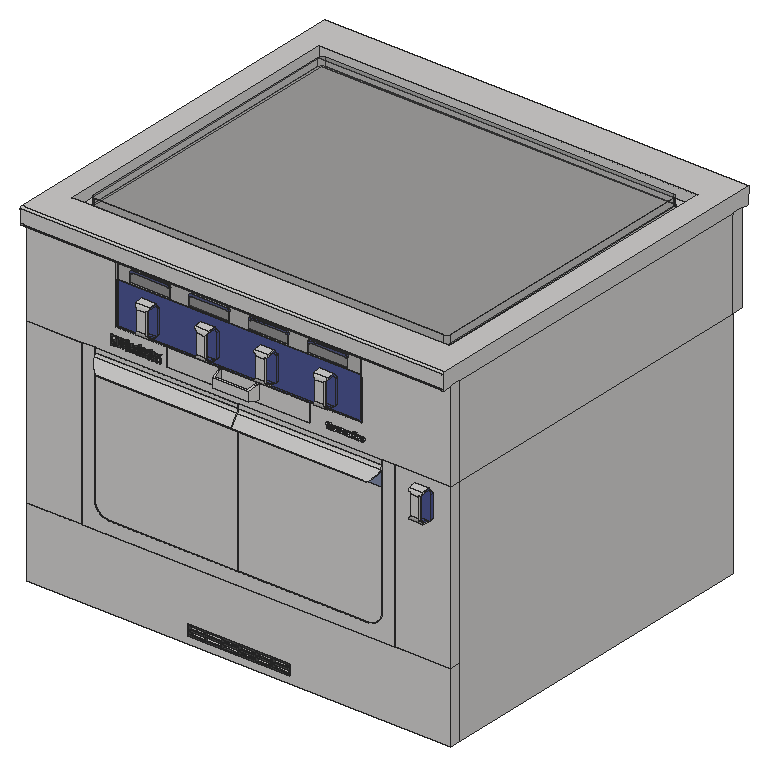
Revit family "QF_ELECTROLUXPROFESSIONAL_589701_MCLPFAJ4AO", category Attrezzature speciali, Revit 2020 (continued)
Definition of nested family "Front_Panel_W1000_Four Knobs"
  Definition of nested family "ELX_Professional_Logo_Small"
    Forms (mm)
      Extrusion 2, solid, material <- "Material_Logo"
        sketch origin (15.5, 0, 0) x (1, 0, 0) y (0, 1, 0)
          loop
            spline (-14.951, -1.609) -> (-15.398, -1.581) -> (-15.823, -1.497) -> (-16.223, -1.362) -> (-16.596, -1.179) -> (-16.937, -0.95) -> (-17.243, -0.678) -> (-17.512, -0.367) -> (-17.739, -0.02) -> (-17.921, 0.36) -> (-18.055, 0.771) -> (-18.138, 1.208) -> (-18.167, 1.669)
          loop
            spline (-4.441, -1.243) -> (-4.659, -1.247) -> (-4.894, -1.23) -> (-5.137, -1.19) -> (-5.384, -1.121) -> (-5.628, -1.021) -> (-5.864, -0.884) -> (-6.084, -0.708) -> (-6.283, -0.488) -> (-6.454, -0.219) -> (-6.592, 0.101) -> (-6.69, 0.478) -> (-6.742, 0.914)
            line (-6.742, 0.914) -> (-6.742, 4.587) -> (-4.487, 4.587) -> (-4.487, 6.838) -> (-6.738, 6.838) -> (-6.738, 10.824) -> (-9.217, 10.824) -> (-9.217, 0.773)
            spline (-9.217, 0.773) -> (-9.164, 0.19) -> (-9.068, -0.358) -> (-8.928, -0.87) -> (-8.742, -1.343) -> (-8.511, -1.777) -> (-8.232, -2.168) -> (-7.904, -2.515) -> (-7.527, -2.816) -> (-7.098, -3.069) -> (-6.618, -3.273) -> (-6.084, -3.426) -> (-5.496, -3.525)
            line (-5.496, -3.525) -> (-4.45, -3.573) -> (-4.441, -1.243)
          loop
            spline (3.898, 6.983) -> (3.469, 7.009) -> (3.056, 7.001) -> (2.661, 6.961) -> (2.283, 6.888) -> (1.925, 6.785) -> (1.588, 6.652) -> (1.272, 6.49) -> (0.979, 6.301) -> (0.71, 6.085) -> (0.465, 5.844) -> (0.247, 5.578) -> (0.056, 5.289)
            line (0.056, 5.289) -> (0.056, 6.838) -> (-2.402, 6.838) -> (-2.402, -3.572) -> (0.056, -3.572) -> (0.056, 1.901)
            spline (0.056, 1.901) -> (0.079, 2.316) -> (0.145, 2.703) -> (0.254, 3.06) -> (0.404, 3.386) -> (0.592, 3.679) -> (0.818, 3.938) -> (1.08, 4.162) -> (1.375, 4.348) -> (1.703, 4.495) -> (2.062, 4.602) -> (2.45, 4.668) -> (2.865, 4.69)
            line (2.865, 4.69) -> (3.898, 4.586) -> (3.898, 6.983)
          loop
            spline (15.638, 1.633) -> (15.586, 2.396) -> (15.435, 3.124) -> (15.192, 3.81) -> (14.863, 4.449) -> (14.455, 5.034) -> (13.975, 5.56) -> (13.43, 6.021) -> (12.826, 6.411) -> (12.17, 6.724) -> (11.469, 6.955) -> (10.729, 7.098) -> (9.958, 7.147)
            spline (9.958, 7.147) -> (9.182, 7.098) -> (8.44, 6.955) -> (7.737, 6.724) -> (7.081, 6.411) -> (6.477, 6.021) -> (5.933, 5.56) -> (5.454, 5.034) -> (5.048, 4.449) -> (4.721, 3.81) -> (4.479, 3.124) -> (4.329, 2.396) -> (4.277, 1.633)
            spline (4.277, 1.633) -> (4.329, 0.869) -> (4.479, 0.141) -> (4.721, -0.544) -> (5.048, -1.183) -> (5.454, -1.768) -> (5.933, -2.294) -> (6.477, -2.755) -> (7.081, -3.145) -> (7.737, -3.459) -> (8.44, -3.69) -> (9.182, -3.833) -> (9.958, -3.882)
            spline (9.958, -3.882) -> (10.729, -3.833) -> (11.469, -3.69) -> (12.17, -3.459) -> (12.826, -3.145) -> (13.43, -2.755) -> (13.975, -2.294) -> (14.455, -1.768) -> (14.863, -1.183) -> (15.192, -0.544) -> (15.435, 0.141) -> (15.586, 0.869) -> (15.638, 1.633)
          loop
            spline (13.18, 1.633) -> (13.151, 2.083) -> (13.067, 2.513) -> (12.932, 2.918) -> (12.748, 3.296) -> (12.52, 3.642) -> (12.251, 3.954) -> (11.943, 4.227) -> (11.601, 4.459) -> (11.228, 4.645) -> (10.828, 4.782) -> (10.403, 4.867) -> (9.958, 4.896)
            spline (9.958, 4.896) -> (9.509, 4.867) -> (9.081, 4.782) -> (8.679, 4.645) -> (8.306, 4.459) -> (7.964, 4.227) -> (7.658, 3.954) -> (7.39, 3.642) -> (7.163, 3.296) -> (6.981, 2.918) -> (6.847, 2.513) -> (6.765, 2.083) -> (6.736, 1.633)
            spline (6.736, 1.633) -> (6.765, 1.182) -> (6.847, 0.753) -> (6.981, 0.347) -> (7.163, -0.031) -> (7.39, -0.377) -> (7.658, -0.689) -> (7.964, -0.962) -> (8.306, -1.193) -> (8.679, -1.38) -> (9.081, -1.517) -> (9.509, -1.602) -> (9.958, -1.631)
            spline (9.958, -1.631) -> (10.403, -1.602) -> (10.828, -1.517) -> (11.228, -1.38) -> (11.601, -1.193) -> (11.943, -0.962) -> (12.251, -0.689) -> (12.52, -0.377) -> (12.748, -0.031) -> (12.932, 0.347) -> (13.067, 0.753) -> (13.151, 1.182) -> (13.18, 1.633)
          loop
            line (17.162, 4.269) -> (17.162, -3.573) -> (19.642, -3.573) -> (19.642, 10.824) -> (17.162, 10.824) -> (17.162, 4.269)
          loop
            line (28.581, 6.838) -> (28.581, 0.786)
            spline (28.581, 0.786) -> (28.561, 0.393) -> (28.503, 0.038) -> (28.409, -0.279) -> (28.281, -0.559) -> (28.122, -0.802) -> (27.933, -1.011) -> (27.717, -1.185) -> (27.476, -1.325) -> (27.213, -1.433) -> (26.929, -1.509) -> (26.626, -1.554) -> (26.308, -1.569)
            spline (26.308, -1.569) -> (25.99, -1.554) -> (25.688, -1.509) -> (25.404, -1.434) -> (25.141, -1.326) -> (24.9, -1.187) -> (24.684, -1.014) -> (24.496, -0.807) -> (24.336, -0.565) -> (24.209, -0.288) -> (24.115, 0.026) -> (24.057, 0.376) -> (24.037, 0.765)
            line (24.037, 0.765) -> (24.037, 6.838) -> (21.537, 6.838) -> (21.537, 0.558)
            spline (21.537, 0.558) -> (21.581, -0.153) -> (21.71, -0.8) -> (21.916, -1.384) -> (22.195, -1.904) -> (22.54, -2.362) -> (22.944, -2.757) -> (23.403, -3.09) -> (23.909, -3.362) -> (24.456, -3.572) -> (25.04, -3.722) -> (25.652, -3.811) -> (26.288, -3.841)
            spline (26.288, -3.841) -> (26.929, -3.811) -> (27.547, -3.72) -> (28.135, -3.568) -> (28.687, -3.355) -> (29.197, -3.079) -> (29.66, -2.741) -> (30.068, -2.341) -> (30.415, -1.877) -> (30.696, -1.349) -> (30.905, -0.757) -> (31.034, -0.101) -> (31.079, 0.621)
            line (31.079, 0.621) -> (31.079, 6.838) -> (28.581, 6.838)
          loop
            line (40.457, -0.243) -> (38.894, 1.942) -> (40.83, 4.579) -> (42.488, 6.837) -> (39.782, 6.837) -> (37.53, 3.719) -> (35.258, 6.837) -> (32.573, 6.837) -> (34.113, 4.731) -> (36.167, 1.922) -> (34.014, -1.076) -> (32.222, -3.573) -> (34.887, -3.573) -> (37.53, 0.104) -> (40.174, -3.573) -> (42.839, -3.573) -> (40.457, -0.243)
          loop
            line (-46.121, -5.837) -> (-48.039, -5.837) -> (-48.039, -10.814) -> (-47.016, -10.814) -> (-47.016, -9.128) -> (-46.121, -9.128)
            arc (-46.121, -9.128) -> (-44.476, -7.482) -> (-46.121, -5.837) r 1.645
          loop
            line (-46.163, -6.778) -> (-47.016, -6.778) -> (-47.016, -8.187) -> (-46.163, -8.187)
            arc (-46.163, -8.187) -> (-45.458, -7.482) -> (-46.163, -6.778) r 0.704
          loop
            line (-38.313, -5.837) -> (-40.265, -5.837) -> (-40.265, -10.814) -> (-39.241, -10.814) -> (-39.241, -9.1) -> (-38.46, -9.182) -> (-37.48, -10.814) -> (-36.318, -10.814) -> (-37.513, -8.848)
            arc (-37.513, -8.848) -> (-36.888, -8.266) -> (-36.671, -7.441) r 1.536
            arc (-36.671, -7.441) -> (-37.165, -6.305) -> (-38.313, -5.837) r 1.643
          loop
            arc (-38.402, -8.166) -> (-37.707, -7.505) -> (-38.334, -6.778) r 0.696
            line (-38.334, -6.778) -> (-39.241, -6.778) -> (-39.241, -8.166) -> (-38.402, -8.166)
          loop
            circle (-29.965, -8.325) r 2.585
          loop
            circle (-29.965, -8.325) r 1.64
          loop
            line (-23.1, -5.837) -> (-23.1, -10.814) -> (-22.076, -10.814) -> (-22.076, -8.768) -> (-20.204, -8.768) -> (-20.204, -7.828) -> (-22.076, -7.828) -> (-22.076, -6.778) -> (-20.024, -6.778) -> (-20.024, -5.837) -> (-23.1, -5.837)
          loop
            line (-15.802, -5.837) -> (-15.802, -9.2)
            arc (-15.802, -9.2) -> (-15.343, -10.34) -> (-14.209, -10.814) r 1.593
            line (-14.209, -10.814) -> (-12.602, -10.814) -> (-12.602, -10.027) -> (-14.004, -10.027)
            arc (-14.004, -10.027) -> (-14.552, -9.8) -> (-14.779, -9.252) r 0.775
            line (-14.779, -9.252) -> (-14.779, -8.424) -> (-12.789, -8.424) -> (-12.789, -7.642) -> (-14.779, -7.642) -> (-14.779, -6.778) -> (-12.651, -6.778) -> (-12.651, -5.837) -> (-15.802, -5.837)
          loop
            line (-5.909, -7.143) -> (-5.173, -6.638)
            arc (-5.173, -6.638) -> (-5.855, -5.974) -> (-6.781, -5.755) r 1.782
            arc (-6.781, -5.755) -> (-7.397, -5.878) -> (-7.944, -6.189) r 1.974
            arc (-7.944, -6.189) -> (-8.202, -6.5) -> (-8.317, -6.888) r 1.013
            arc (-8.317, -6.888) -> (-8.306, -7.341) -> (-8.192, -7.78) r 1.985
            arc (-8.192, -7.78) -> (-7.749, -8.259) -> (-7.171, -8.563) r 1.928
            arc (-7.171, -8.563) -> (-6.637, -8.779) -> (-6.131, -9.056) r 5.041
            arc (-6.131, -9.056) -> (-5.934, -9.387) -> (-6.09, -9.74) r 0.42
            arc (-6.09, -9.74) -> (-6.631, -9.96) -> (-7.204, -9.845) r 1.016
            arc (-7.204, -9.845) -> (-7.625, -9.603) -> (-7.889, -9.196) r 1.033
            line (-7.889, -9.196) -> (-8.67, -9.686)
            arc (-8.67, -9.686) -> (-8.361, -10.198) -> (-7.908, -10.589) r 1.914
            arc (-7.908, -10.589) -> (-7.334, -10.834) -> (-6.714, -10.896) r 2.063
            arc (-6.714, -10.896) -> (-5.947, -10.743) -> (-5.256, -10.376) r 2.696
            arc (-5.256, -10.376) -> (-4.95, -9.565) -> (-5.108, -8.712) r 1.618
            arc (-5.108, -8.712) -> (-5.448, -8.319) -> (-5.884, -8.035) r 1.876
            arc (-5.884, -8.035) -> (-6.434, -7.789) -> (-6.999, -7.577) r 9.883
            arc (-6.999, -7.577) -> (-7.325, -7.07) -> (-6.854, -6.694) r 0.45
            arc (-6.854, -6.694) -> (-6.329, -6.809) -> (-5.909, -7.143) r 1.197
          loop
            line (1.61, -7.143) -> (2.345, -6.638)
            arc (2.345, -6.638) -> (1.663, -5.974) -> (0.737, -5.755) r 1.782
            arc (0.737, -5.755) -> (0.121, -5.878) -> (-0.425, -6.189) r 1.974
            arc (-0.425, -6.189) -> (-0.683, -6.5) -> (-0.799, -6.888) r 1.013
            arc (-0.799, -6.888) -> (-0.788, -7.341) -> (-0.674, -7.78) r 1.985
            arc (-0.674, -7.78) -> (-0.231, -8.259) -> (0.347, -8.563) r 1.928
            arc (0.347, -8.563) -> (0.881, -8.779) -> (1.387, -9.056) r 5.041
            arc (1.387, -9.056) -> (1.584, -9.387) -> (1.428, -9.74) r 0.42
            arc (1.428, -9.74) -> (0.887, -9.96) -> (0.314, -9.845) r 1.016
            arc (0.314, -9.845) -> (-0.107, -9.603) -> (-0.371, -9.196) r 1.033
            line (-0.371, -9.196) -> (-1.152, -9.686)
            arc (-1.152, -9.686) -> (-0.842, -10.198) -> (-0.39, -10.589) r 1.914
            arc (-0.39, -10.589) -> (0.184, -10.834) -> (0.804, -10.896) r 2.063
            arc (0.804, -10.896) -> (1.572, -10.743) -> (2.263, -10.376) r 2.696
            arc (2.263, -10.376) -> (2.568, -9.565) -> (2.411, -8.712) r 1.618
            arc (2.411, -8.712) -> (2.07, -8.319) -> (1.635, -8.035) r 1.876
            arc (1.635, -8.035) -> (1.084, -7.789) -> (0.519, -7.577) r 9.883
            arc (0.519, -7.577) -> (0.193, -7.07) -> (0.665, -6.694) r 0.45
            arc (0.665, -6.694) -> (1.189, -6.809) -> (1.61, -7.143) r 1.197
          loop
            line (6.801, -5.837) -> (6.801, -10.814) -> (7.825, -10.814) -> (7.825, -5.837) -> (6.801, -5.837)
          loop
            circle (14.724, -8.325) r 1.548
          loop
            circle (14.724, -8.325) r 2.585
          loop
            line (21.59, -10.814) -> (22.623, -10.814) -> (22.623, -7.685) -> (24.9, -10.814) -> (25.895, -10.814) -> (25.895, -5.837) -> (24.861, -5.837) -> (24.861, -9.061) -> (22.585, -5.837) -> (21.59, -5.837) -> (21.59, -10.814)
          loop
            line (31.054, -10.814) -> (31.539, -9.74) -> (33.38, -9.74) -> (33.865, -10.814) -> (34.965, -10.814) -> (32.46, -5.837) -> (29.956, -10.814) -> (31.054, -10.814)
          loop
            line (32.46, -7.698) -> (31.999, -8.719) -> (32.921, -8.719) -> (32.46, -7.698)
          loop
            line (40.047, -9.873) -> (40.047, -5.837) -> (39.024, -5.837) -> (39.024, -10.814) -> (41.961, -10.814) -> (41.961, -9.873) -> (40.047, -9.873)
          loop
            line (-74.986, -10.814) -> (-53.322, -10.814) -> (-53.322, 10.82) -> (-74.986, 10.82) -> (-74.986, -10.814)
          loop
            line (-61.261, 9.758) -> (-61.261, -9.707)
            arc (-61.261, -9.707) -> (-54.066, 0.025) -> (-61.261, 9.758) r 10.18
          loop
            line (-62.251, 8.349) -> (-62.251, 9.758)
            arc (-62.251, 9.758) -> (-70.347, 7.918) -> (-74.247, 0.59) r 9.976
            line (-74.247, 0.59) -> (-71.026, 0.59)
            arc (-71.026, 0.59) -> (-65.274, 2.925) -> (-62.251, 8.349) r 9.351
          loop
            arc (-74.247, -0.539) -> (-70.353, -7.928) -> (-62.251, -9.957) r 10.237
            line (-62.251, -9.957) -> (-62.251, -8.298)
            arc (-62.251, -8.298) -> (-65.274, -2.874) -> (-71.026, -0.539) r 9.351
            line (-71.026, -0.539) -> (-74.247, -0.539)
        from 0 to 1.644
    Dimensions and locks
      aligned and locked: plane 2 to Extrusion 1
      aligned and locked: level to Extrusion 1
Definition of nested family "H450H2W1000_2DOOR"
  Parameters
    Width [instance] = 680 mm
    Wdoor [instance] = Width / 2  # 340 mm
    Show Clearance [instance] = yes
    Model = "727995"
    Height = 450 mm
    Default Elevation = 0 mm
  Reference planes
    plane 1 "Center (Front/Back)": y = 0
    plane 2: z = 0
    plane 3 "Center (Left/Right)": x = 36.042
    plane 4 "panel": z = 25
    plane 5: x = -303.958
    plane 6: x = 376.042
    plane 7: y = 450
    plane 8: z = 340
    plane 9: z = 45
  Forms (mm)
    Extrusion 1, solid
      sketch origin (0, -919.2, 0) x (1, 0, 0) y (0, 1, 0)
        loop
          line (-980.5, 2119.2) -> (-980.5, -162.846) -> (881.94, -162.846) -> (881.94, 2119.2) -> (-980.5, 2119.2)
      from 0 to -59.546
    Extrusion 2, solid
      sketch origin (0, 0, 0) x (1, 0, 0) y (0, 1, 0)
        loop
          line (374.042, 393) -> (37.042, 393) -> (37.042, 97) -> (344.042, 97)
          arc (344.042, 97) -> (365.255, 105.787) -> (374.042, 127) r 30
          line (374.042, 127) -> (374.042, 393)
        loop
          arc (-301.958, 127) -> (-293.171, 105.787) -> (-271.958, 97) r 30
          line (-271.958, 97) -> (35.042, 97) -> (35.042, 393) -> (-301.958, 393) -> (-301.958, 127)
      from 0 to 25
    Extrusion 3, solid
      sketch origin (0, 0, 0) x (1, 0, 0) y (0, 1, 0)
        loop
          line (-301.958, 393) -> (35.042, 393) -> (35.042, 440) -> (-301.958, 440) -> (-301.958, 393)
        loop
          line (37.042, 440) -> (37.042, 393) -> (374.042, 393) -> (374.042, 440) -> (37.042, 440)
      from 0 to 25
    Extrusion 4, solid
      sketch origin (5.581, 79.805, 0) x (1, 0, 0) y (0, 1, 0)
        loop
          line (-307.539, 360.195) -> (29.461, 360.195) -> (29.461, 370.195) -> (-307.539, 370.195) -> (-307.539, 360.195)
        loop
          line (31.461, 370.195) -> (31.461, 360.195) -> (368.461, 360.195) -> (368.461, 370.195) -> (31.461, 370.195)
      from 0 to 25
    Extrusion 5, solid
      sketch origin (36.042, 0, 0) x (0, 1, 0) y (0, 0, 1)
        loop
          line (426.693, 25) -> (440.02, 25)
          arc (440.02, 25) -> (435.261, 25.775) -> (430.993, 28.02) r 15
          line (430.993, 28.02) -> (406.653, 46.362) -> (403.644, 42.369) -> (426.693, 25)
      from 1 to 338
    Extrusion 6, solid
      sketch origin (36.042, 0, 0) x (0, 1, 0) y (0, 0, 1)
        loop
          line (426.693, 25) -> (440.02, 25)
          arc (440.02, 25) -> (435.261, 25.775) -> (430.993, 28.02) r 15
          line (430.993, 28.02) -> (406.653, 46.362) -> (403.644, 42.369) -> (426.693, 25)
      from -338 to -1
    Extrusion 7, void
      sketch origin (0, 0, 0) x (1, 0, 0) y (0, 1, 0)
        loop
          arc (374.042, 426.693) -> (364.508, 412.772) -> (350.317, 403.644) r 42.603
          line (350.317, 403.644) -> (374.042, 403.644) -> (374.042, 426.693)
      from 0 to 47.9
    Extrusion 8, void
      sketch origin (72.084, 0, 0) x (-1, 0, 0) y (0, -1, 0)
        loop
          line (374.042, -426.693) -> (374.042, -403.644) -> (350.317, -403.644)
          arc (350.317, -403.644) -> (364.508, -412.772) -> (374.042, -426.693) r 42.603
      from 0 to 47.9
    Extrusion 9, solid, detail levels coarse
      sketch origin (0, 0, 0) x (1, 0, 0) y (0, 0, 1)
        loop
          arc (36.231, 25) -> (-56.085, 247.873) -> (-278.958, 340.189) r 315.189
          line (-278.958, 340.189) -> (-278.958, 25) -> (36.231, 25)
      from -450 to -97
    Extrusion 10, solid, detail levels coarse
      sketch origin (0, 0, 0) x (1, 0, 0) y (0, 0, 1)
        loop
          arc (351.042, 340) -> (128.303, 247.739) -> (36.042, 25) r 315
          line (36.042, 25) -> (351.042, 25) -> (351.042, 340)
      from -450 to -97
  Cuts and joins
    Extrusion 8 cuts Extrusion 6
    Extrusion 7 cuts Extrusion 5
  Lines and regions (mm)
    symbolic lines
      curve 1: line (376.042, 0, 45) -> (376.042, 0, 340)
      curve 2: line (351.042, 0, 45) -> (351.042, 0, 340)
      curve 3: line (376.042, 0, 340) -> (351.042, 0, 340)
      curve 4: line (-303.958, 0, 45) -> (-303.958, 0, 340)
      curve 5: line (-278.958, 0, 45) -> (-278.958, 0, 340)
      curve 6: line (-303.958, 0, 340) -> (-278.958, 0, 340)
      curve 7: arc (351.042, 0, 340) -> (135.522, 0, 254.731) -> (36.683, 0, 45.088) r 315
      curve 8: arc (35.407, 0, 44.997) -> (-63.405, 0, 254.7) -> (-278.958, 0, 340) r 315
  Dimensions and locks
    plane 4 "panel" to level = 25 mm
    "Width": plane 5 to plane 6
    equal spacing: plane 5, plane 3 "Center (Left/Right)", plane 6
    "Height": plane 1 "Center (Front/Back)" to plane 7
    locked: plane 5 to Extrusion 2 sketch curve at 2
    locked: Extrusion 2 sketch curve to plane 6 at 2
    locked: plane 1 "Center (Front/Back)" to Extrusion 2 sketch curve at 97
    locked: plane 7 to Extrusion 2 sketch curve at 57
    locked: Extrusion 2 sketch curve to plane 3 "Center (Left/Right)" at 1
    locked: plane 3 "Center (Left/Right)" to Extrusion 2 sketch curve at 1
    Extrusion 3 sketch curve to Extrusion 2 = 47 mm
    "Wdoor": plane 8 to level
    locked: curve 2 to curve 1 at 25
    locked: curve 5 to curve 4 at 25
    plane 4 "panel" to plane 9 = 20 mm
    aligned and locked: plane 2 to Extrusion 1
    aligned and locked: level to Extrusion 1
    aligned and locked: plane 4 "panel" to Extrusion 2
    aligned and locked: Extrusion 2 to Extrusion 3 sketch curve
    aligned and locked: Extrusion 3 sketch curve to Extrusion 2  (x2)
    aligned and locked: Extrusion 3 sketch curve to Extrusion 3 sketch curve
    aligned and locked: plane 4 "panel" to Extrusion 3
    aligned and locked: Extrusion 4 sketch curve to Extrusion 4 sketch curve
    aligned and locked: Extrusion 4 sketch curve to Extrusion 3  (x3)
    aligned and locked: Extrusion 3 to Extrusion 4 sketch curve
    aligned and locked: Extrusion 4 sketch curve to plane 7
    aligned and locked: Extrusion 3 to Extrusion 5
    aligned and locked: Extrusion 5 to Extrusion 3
    aligned and locked: Extrusion 6 to Extrusion 3
    aligned and locked: Extrusion 3 to Extrusion 6
    aligned and locked: Extrusion 7 sketch curve to Extrusion 5
    aligned and locked: Extrusion 8 to Extrusion 6
    aligned and locked: Extrusion 4 to Extrusion 8
    aligned and locked: Extrusion 2 to Extrusion 7
    aligned and locked: Extrusion 7 to Extrusion 5
    aligned and locked: Extrusion 4 to Extrusion 3  (x2)
    aligned and locked: Extrusion 3 to Extrusion 2
    aligned and locked: Extrusion 4 to Extrusion 2
    aligned and locked: curve 3 to plane 8
    aligned and locked: curve 1 to plane 6
    aligned and locked: curve 4 to plane 5
    aligned and locked: Extrusion 9 sketch curve to plane 4 "panel"
    aligned and locked: Extrusion 10 sketch curve to curve 7
    aligned and locked: Extrusion 10 sketch curve to curve 2
    aligned and locked: Extrusion 2 to Extrusion 9
    aligned and locked: Extrusion 2 to Extrusion 10
    aligned and locked: plane 7 to Extrusion 9
    aligned and locked: Extrusion 3 to Extrusion 4
  Automatic sketch dimensions
    Extrusion 1 sketch curve to Extrusion 1 sketch curve = 1862.44 mm
    Extrusion 1 sketch curve to Extrusion 1 sketch curve = 2282.046 mm
    Extrusion 2 sketch curve to Extrusion 2 sketch curve = 30 mm  (x2)
    Extrusion 2 sketch curve to plane 1 "Center (Front/Back)" = 97 mm
    Extrusion 2 sketch curve to Extrusion 2 sketch curve = 0 mm
    Extrusion 3 sketch curve to plane 3 "Center (Left/Right)" = 1 mm
    plane 5 to Extrusion 3 sketch curve = 2 mm
    Extrusion 3 sketch curve to Extrusion 3 sketch curve = 0 mm
    Extrusion 5 sketch curve to plane 4 "panel" = 0 mm
    plane 4 "panel" to Extrusion 5 sketch curve = 17.369 mm
    Extrusion 5 sketch curve to plane 7 = 46.356 mm
    plane 4 "panel" to Extrusion 5 sketch curve = 21.362 mm
    Extrusion 5 sketch curve to Extrusion 5 sketch curve = 3.009 mm
    plane 4 "panel" to Extrusion 5 sketch curve = 3.02 mm
    Extrusion 5 sketch curve to Extrusion 5 sketch curve = 9.027 mm
    Extrusion 6 sketch curve to plane 4 "panel" = 0 mm
    plane 4 "panel" to Extrusion 6 sketch curve = 17.369 mm
    Extrusion 6 sketch curve to plane 7 = 46.356 mm
    plane 4 "panel" to Extrusion 6 sketch curve = 21.362 mm
    Extrusion 6 sketch curve to Extrusion 6 sketch curve = 3.009 mm
    plane 4 "panel" to Extrusion 6 sketch curve = 3.02 mm
    Extrusion 6 sketch curve to Extrusion 6 sketch curve = 9.027 mm
    Extrusion 7 sketch curve to Extrusion 7 sketch curve = 23.725 mm
    Extrusion 7 sketch curve to plane 7 = 6.671 mm
    Extrusion 7 sketch curve to plane 6 = 41.221 mm
    Extrusion 7 sketch curve to plane 7 = 23.307 mm
    plane 7 to Extrusion 8 sketch curve = 6.671 mm
    Extrusion 8 sketch curve to plane 5 = 41.221 mm
    Extrusion 8 sketch curve to plane 5 = 25.725 mm
    Extrusion 8 sketch curve to plane 5 = 2 mm
    plane 7 to Extrusion 8 sketch curve = 23.307 mm
    Extrusion 4 sketch curve to Extrusion 4 sketch curve = 10 mm
    Extrusion 4 sketch curve to plane 7 = 10 mm
    curve 2 to plane 9 = 0 mm
    curve 5 to plane 9 = 0 mm
    curve 4 to plane 9 = 0 mm
    curve 1 to plane 9 = 0 mm
    curve 8 to plane 4 "panel" = 0 mm
    curve 5 to plane 8 = 0 mm
    curve 8 to plane 9 = 0.003 mm
    curve 7 to plane 4 "panel" = 0 mm
    plane 9 to curve 7 = 0.088 mm
    plane 5 to Extrusion 9 sketch curve = 25 mm
    plane 3 "Center (Left/Right)" to Extrusion 9 sketch curve = 0.189 mm
Definition of nested family "Warm"
  Reference planes
    plane 1 "Center (Front/Back)": y = 0
    plane 2: z = 0
    plane 3 "Center (Left/Right)": x = 0
  Lines and regions (mm)
    detail lines, in view "Ref. Level"
      curve 1: circle (-165.742, 180.331, 0) r 45 normal (0, 0, 1)
      curve 2: line (-165.742, 125.331, 0) -> (-165.742, 80.331, 0)
      curve 3: line (-165.742, 235.331, 0) -> (-165.742, 280.331, 0)
      curve 4: line (-105.742, 180.331, 0) -> (-65.742, 180.331, 0)
      curve 5: line (-220.742, 180.331, 0) -> (-265.742, 180.331, 0)
      curve 6: line (-126.851, 141.44, 0) -> (-95.031, 109.62, 0)
      curve 7: line (-204.632, 219.221, 0) -> (-236.452, 251.041, 0)
      curve 8: line (-126.851, 219.221, 0) -> (-95.031, 251.041, 0)
      curve 9: line (-204.632, 141.44, 0) -> (-236.452, 109.62, 0)
